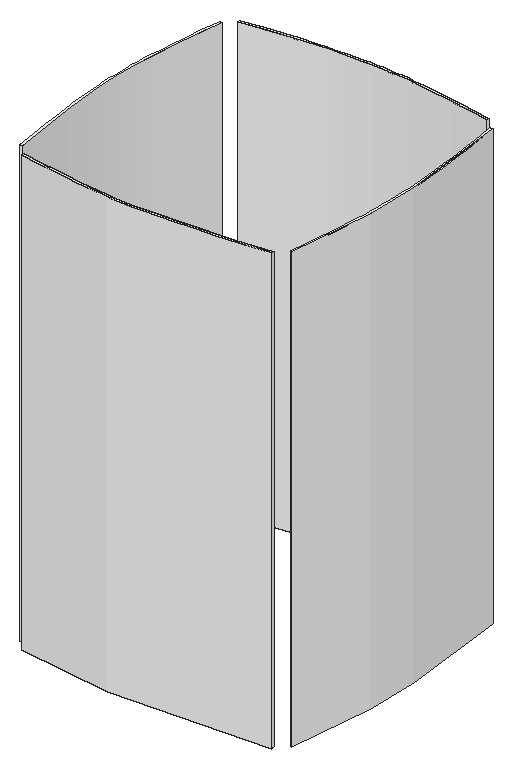
Revit family "sh-1732", category Lighting Fixtures, host Wall, Revit 2017
Family settings
  Host = Wall
  Round Connector Dimension = Use Diameter
  Part Type = Normal
  OmniClass Number = 23.80.70.00
  OmniClass Title = Lighting
  Always vertical = Yes
  Cut with Voids When Loaded = No
  Light Source = Yes
  Shared = Yes
  Room Calculation Point = No
Parameters (values of type "SH-1732(Black body-3000K-E27)")
  wattage. = 9 W
  instalation = "Wall Mounted"
  consumption current = 0.06 A
  Width = 18.4305 cm
  Wattage = 9 W
  Voltage/Frequency = "230 V Ac/50HZ"
  built-in parameter 1150110 = 1 (stored number, unit not read)
  URL = "https://www.shoaco.com/fa/product/%DA%86%D8%B1%D8%A7%D8%BA-%D9%87%D8%A7%DB%8C-%D8%AD%DB%8C%D8%A7%D8%B7%DB%8C/1229-%DA%86%D8%B1%D8%A7%D8%BA-%D8%AF%DB%8C%D9%88%D8%A7%D8%B1%DB%8C-%D9%85%D8%AF%D9%84-SH-1732.html"
  Type medule = ""
  built-in parameter 1114217 = 1 (stored number, unit not read)
  Tilt Angle = 90.00°
  built-in parameter 1150109 = 1 (stored number, unit not read)
  built-in parameter 1150134 = 3
  built-in parameter 1150113 = 1 (stored number, unit not read)
  Protection Class = "Class I"
  Photometric Web File = "4376_V-TAC7WLEDBulbE27A60Thermoplastic3000K_1-5117.ies"
  Model = "SH-1732"
  Manufacturer = "SHOA"
  built-in parameter 1150105 = 50.134 (stored number, unit not read)
  Lumens = 630 lm
  built-in parameter 1150115 = 1 (stored number, unit not read)
  built-in parameter 1150137 = (empty or 0)
  built-in parameter 1150139 = (empty or 0)
  built-in parameter 1150112 = 1 (stored number, unit not read)
  built-in parameter 1150114 = 1 (stored number, unit not read)
  Lamp = "E27"
  Website = "www.shoaco.com"
  built-in parameter 1150132 = (empty or 0)
  built-in parameter 1150102 = (empty or 0)
  built-in parameter 1150107 = 3200 (stored number, unit not read)
  built-in parameter 1150138 = (empty or 0)
  built-in parameter 1150106 = 0.50134 (stored number, unit not read)
  IP = "X3"
  Height = 42.5188 cm
  Flicker = ""
  Emit from Circle Diameter = 60.96 cm
  Emit Shape Visible in Rendering = no
  built-in parameter 1150104 = 6.5032 (stored number, unit not read)
  Dimming Lamp Color Temperature Shift = <None>
  Diffuser Material = "Acrylic"
  Cost = 0
  Color Temperature = ""
  Color Rendering (CRI) = 0
  Color Filter = 16777215
  Body color = Black
  Body Material = "Aluminum"
  built-in parameter 1114218 = 1 (stored number, unit not read)
  built-in parameter 1150133 = 10 (stored number, unit not read)
Reference planes (cm)
  plane 1: y = 7.5
  plane 2 "Light Source Axis (L/R)": x = 12.5
  plane 3 "Light Source Axis (F/R)": y = 17.896
  plane 4 "Light Source Elevation": z = 180
  plane 5: x = -1.928
  plane 6: x = 27.302
  plane 7: z = 209.3498
  plane 8: z = 166.831
  plane 9: y = 48.1923
  plane 10: y = 29.7619
Forms (cm)
  Extrusion 1, solid, material "Light"
    sketch origin (0, 0, 180) x (1, 0, 0) y (0, 1, 0)
      loop
        spline (17.9711, 45.2228) -> (16.5035, 45.4535) -> (15.4591, 45.5887) -> (14.6611, 45.6713) -> (13.9761, 45.7312) -> (13.3625, 45.7705) -> (12.79, 45.7881) -> (12.2154, 45.784) -> (11.581, 45.76) -> (10.8273, 45.7177) -> (9.8701, 45.6445) -> (8.5891, 45.5076) -> (6.8613, 45.2725)
        line (6.8613, 45.2725) -> (6.8759, 45.1736)
        spline (6.8759, 45.1736) -> (8.6012, 45.4084) -> (9.8791, 45.5449) -> (10.8336, 45.6179) -> (11.5858, 45.6601) -> (12.2178, 45.684) -> (12.7891, 45.6881) -> (13.3576, 45.6706) -> (13.9684, 45.6315) -> (14.6511, 45.5719) -> (15.4482, 45.4892) -> (16.4893, 45.3546) -> (17.9545, 45.1242)
        line (17.9545, 45.1242) -> (17.9711, 45.2228)
      loop
        line (18.4846, 44.7571) -> (18.3856, 44.7431)
        spline (18.3856, 44.7431) -> (18.6089, 43.0347) -> (18.7426, 41.7655) -> (18.8114, 40.8201) -> (18.8401, 40.0828) -> (18.8514, 39.4444) -> (18.8547, 38.8377) -> (18.8465, 38.2353) -> (18.824, 37.607) -> (18.7831, 36.9179) -> (18.7109, 36.0933) -> (18.5903, 35.0389) -> (18.4041, 33.6612)
        line (18.4041, 33.6612) -> (18.5031, 33.6471)
        spline (18.5031, 33.6471) -> (18.6895, 35.0265) -> (18.8104, 36.0832) -> (18.8829, 36.9107) -> (18.9239, 37.6023) -> (18.9465, 38.233) -> (18.9547, 38.8374) -> (18.9515, 39.445) -> (18.9398, 40.0862) -> (18.9112, 40.8255) -> (18.8422, 41.7742) -> (18.7082, 43.0465) -> (18.4846, 44.7571)
      loop
        spline (6.8986, 33.1828) -> (8.0751, 33.0082) -> (8.9991, 32.8839) -> (9.7369, 32.7999) -> (10.3548, 32.7462) -> (10.919, 32.7128) -> (11.4947, 32.6908) -> (12.1365, 32.6822) -> (12.8922, 32.6959) -> (13.8095, 32.741) -> (14.9362, 32.8268) -> (16.32, 32.9622) -> (18.0086, 33.1563)
        line (18.0086, 33.1563) -> (17.9965, 33.2556)
        spline (17.9965, 33.2556) -> (16.3094, 33.0616) -> (14.9275, 32.9264) -> (13.8032, 32.8408) -> (12.8888, 32.7959) -> (12.1363, 32.7822) -> (11.4974, 32.7905) -> (10.9237, 32.8128) -> (10.362, 32.8461) -> (9.7469, 32.8993) -> (9.0115, 32.9831) -> (8.0891, 33.1072) -> (6.9138, 33.2817)
        line (6.9138, 33.2817) -> (6.8986, 33.1828)
      loop
        line (6.435, 33.6581) -> (6.534, 33.672)
        spline (6.534, 33.672) -> (6.3037, 35.3893) -> (6.1571, 36.6456) -> (6.0729, 37.558) -> (6.0291, 38.2473) -> (6.0063, 38.8244) -> (5.9979, 39.3543) -> (6.003, 39.8829) -> (6.0221, 40.4517) -> (6.059, 41.1158) -> (6.1325, 41.9779) -> (6.265, 43.1527) -> (6.4788, 44.754)
        line (6.4788, 44.754) -> (6.3798, 44.768)
        spline (6.3798, 44.768) -> (6.1658, 43.165) -> (6.033, 41.9878) -> (5.9593, 41.1227) -> (5.9222, 40.456) -> (5.903, 39.885) -> (5.8978, 39.3543) -> (5.9065, 38.821) -> (5.9292, 38.2424) -> (5.9729, 37.5513) -> (6.0576, 36.6351) -> (6.2045, 35.3766) -> (6.435, 33.6581)
    from -11.0342 to 8.627
Text (cm)
  text "Placement side" at (-178.7139, 111.6779, 0), in view "Ref. Level"
  text "Placement side" at (0, 211.0396, 298.6058), in view "Left"
  text "Placement side" at (0, 62.8478, 301.1967), in view "Right"
Dimensions and locks (cm)
  plane 6 to plane 5 = 29.23 cm
  "Height": plane 8 to plane 7
  "Width": plane 9 to plane 10
  locked: plane 9 to plane 3 "Light Source Axis (F/R)" at 30.2963
  aligned and locked: plane 1 to host wall
Automatic sketch dimensions
  Extrusion 1 sketch curve to plane 2 "Light Source Axis (L/R)" = 6.065 cm
  Extrusion 1 sketch curve to Extrusion 1 sketch curve = 0.099 cm  (x4)
  Extrusion 1 sketch curve to plane 2 "Light Source Axis (L/R)" = 5.6387 cm
  Extrusion 1 sketch curve to Extrusion 1 sketch curve = 0.0147 cm
  Extrusion 1 sketch curve to Extrusion 1 sketch curve = 0.3646 cm
  Extrusion 1 sketch curve to Extrusion 1 sketch curve = 0.0152 cm
  plane 2 "Light Source Axis (L/R)" to Extrusion 1 sketch curve = 5.4545 cm
  Extrusion 1 sketch curve to Extrusion 1 sketch curve = 0.0166 cm
  plane 2 "Light Source Axis (L/R)" to Extrusion 1 sketch curve = 5.4965 cm
  Extrusion 1 sketch curve to Extrusion 1 sketch curve = 0.0121 cm
  Extrusion 1 sketch curve to Extrusion 1 sketch curve = 0.431 cm
  Extrusion 1 sketch curve to Extrusion 1 sketch curve = 0.4076 cm
  plane 10 to Extrusion 1 sketch curve = 3.3945 cm
  plane 10 to Extrusion 1 sketch curve = 3.421 cm
  Extrusion 1 sketch curve to Extrusion 1 sketch curve = 0.0993 cm
  Extrusion 1 sketch curve to Extrusion 1 sketch curve = 0.0988 cm
  Extrusion 1 sketch curve to Extrusion 1 sketch curve = 0.3915 cm
  Extrusion 1 sketch curve to Extrusion 1 sketch curve = 0.3764 cm
  Extrusion 1 sketch curve to Extrusion 1 sketch curve = 0.0142 cm
  Extrusion 1 sketch curve to Extrusion 1 sketch curve = 0.0139 cm  (x2)
  Extrusion 1 sketch curve to plane 9 = 3.4492 cm
  Extrusion 1 sketch curve to Extrusion 1 sketch curve = 0.381 cm
  Extrusion 1 sketch curve to plane 9 = 3.0188 cm
  Extrusion 1 sketch curve to Extrusion 1 sketch curve = 0.0986 cm
  Extrusion 1 sketch curve to Extrusion 1 sketch curve = 0.0989 cm
  Extrusion 1 sketch curve to Extrusion 1 sketch curve = 0.4962 cm
  Extrusion 1 sketch curve to Extrusion 1 sketch curve = 0.4196 cm
  Extrusion 1 sketch curve to Extrusion 1 sketch curve = 0.014 cm
Connectors (cm)
  electrical at (12.5, 19.516, 179.68)
    settings: on free form element, index 1, voltage 230 V, apparent load 0 VA, apparent load phase1 0 VA, apparent load phase2 0 VA, apparent load phase3 0 VA, power factor 1, load classification "Other", number of poles 1, system type 31, power factor state 1, is connector primary yes, connector utility no, sub classification motor no, connector description ""
